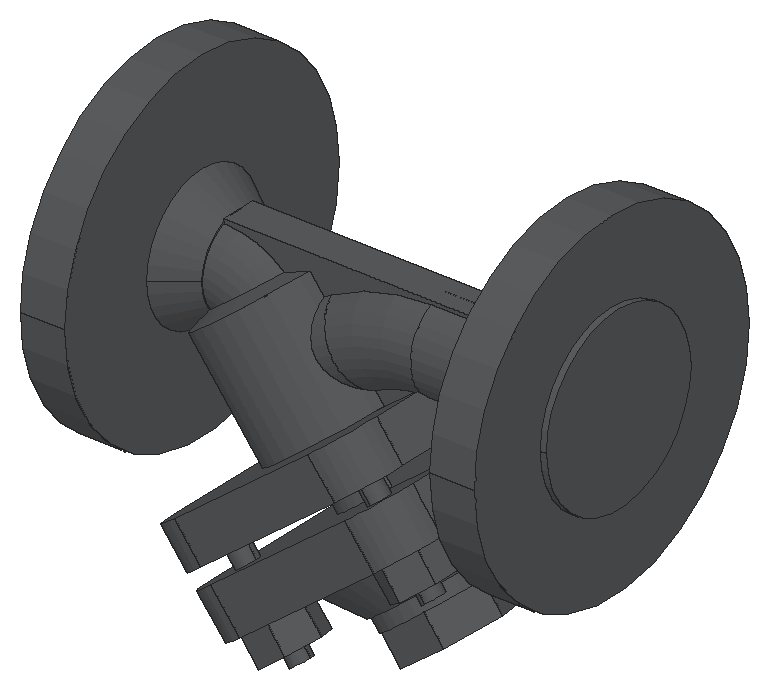
Revit family "FVF_DN15-300_PN16_Fine screen_RFA", category Pipe Accessories, Revit 2017
Family settings
  Round Connector Dimension = Use Diameter
  Part Type = Valve - Breaks Into
  OmniClass Number = 23.60.30.11
  OmniClass Title = Pipework Products for General Use
  Work Plane-Based = No
  Always vertical = Yes
  Cut with Voids When Loaded = No
  Shared = No
Parameters (values of type "FVF_DN15_PN16_Fine screen_065B7754")
  Weight = 2.20 kg
  W = D2  # 95 mm
  URL = "https://store.danfoss.com/en/Climate-Solutions-for-heating/Strainers/Strainers-for-District-Heating-and-District-Cooling/c/4071?q=%3Arelevance%3Adanfoss_producttypehierarchydesc%3Ac0f3d6ea79d70004a3a14d8528cae98d95d6f5b5&text="
  Pressure Drop [instance] = 0.0 Pa
  Number of meshes = "625/cm2"  # constant formula
  Nominal Pressure = "PN 16"  # constant formula
  Model Type = "FVF_DN15_PN16_Fine screen"
  Model = "065B7754"
  Min Medium Temperature = "-10 °C"  # constant formula
  Mesh Size = "0.25 mm"  # constant formula
  Max Medium Temperature = "150 °C"  # constant formula
  Manufacturer = "Danfoss"  # constant formula
  LOD 350 = not(LOD 200)  # yes
  LOD 200 = no
  L5 = 58.5 mm
  L_1 = 35 mm
  L4 = 5.7 mm
  L3 = 12.4 mm
  L2 = 81.2 mm
  L1 = 126 mm
  L = 130 mm
  Kvs = 5.1 m³/h
  IfcExportType = "FVF"  # constant formula
  IfcExportAs = "IfcValveType"  # constant formula
  H2 = D2 / 2  # 47.5 mm
  H1 = 81 mm
  H = H1 + (D2 / 2)  # 128.5 mm
  Flow [instance] = 0.0 m³/h
  Body Top = Strainer_top : 15
  Description = "Strainer"  # constant formula
  D4_2 = D4 / 2  # 12.5 mm
  D4 = 25 mm
  D3 = 38.8 mm
  D2 = 95 mm
  D1 = 49.8 mm
  D = 15 mm
  Connection = "Flange"  # constant formula
  Body Material = Danfoss Cast Iron
  A_R2 = D4 / 2 - 8 mm  # 4.5 mm
  A_R1 = 20 mm
  A_H2 = 5 mm
  A_H1 = 38.5 mm
  A = 52.00°
Types (11, lengths in mm): name | Weight | W | Model Type | Model | L5 | L_1 | L4 | L3 | L2 | L1 | L | Kvs | H2 | H1 | H | Body Top | D4_2 | D4 | D3 | D2 | D1 | D | A_R2 | A_R1 | A_H2 | A_H1 | A
  (no name) | 2.20 kg | 95 | "FVF_DN15_PN16_Fine screen" | "065B7754" | 58.5 | 35 | 5.7 | 12.4 | 81.2 | 126 | 130 | 5.1 m³/h | 47.5 | 81 | 128.5 | Strainer_top : 15 | 12.5 | 25 | 38.8 | 95 | 49.8 | 15 | 4.5 | 20 | 5 | 38.5 | 52.00°
  FVF_DN100_PN16_Fine screen_065B7766 | 25.00 kg | 218 | "FVF_DN100_PN16_Fine screen" | "065B7766" | 113 | 108.75 | 25.75 | 19.2 | 269 | 343 | 350 | 192.8 m³/h | 109 | 240 | 349 | Strainer_top : 100 | 57 | 114 | 140 | 218 | 158 | 100 | 49 | 71.5 | 30 | 192.6 | 45.00°
  FVF_DN125_PN16_Fine screen_065B7767 | 39.00 kg | 248 | "FVF_DN125_PN16_Fine screen" | "065B7767" | 75 | 115 | 30.6 | 20.8 | 305.8 | 393 | 400 | 326.4 m³/h | 124 | 273 | 397 | Strainer_top : 125 | 71.45 | 142.9 | 172.3 | 248 | 191 | 125 | 63.45 | 96 | 45 | 227.4 | 45.00°
  FVF_DN80_PN16_Fine screen_065B7765 | 16.60 kg | 198 | "FVF_DN80_PN16_Fine screen" | "065B7765" | 95 | 90.6 | 19.6 | 18 | 219.5 | 303 | 310 | 133.6 m³/h | 99 | 185 | 284 | Strainer_top : 80 | 46.5 | 93 | 119 | 198 | 138.6 | 80 | 38.5 | 61.3 | 28.5 | 139.5 | 45.00°
  FVF_DN65_PN16_Fine screen_065B7764 | 12.00 kg | 184 | "FVF_DN65_PN16_Fine screen" | "065B7764" | 105 | 73.4 | 16.6 | 17.5 | 207.5 | 283 | 290 | 86.7 m³/h | 92 | 155 | 247 | Strainer_top : 65 | 38.5 | 77 | 93.6 | 184 | 125 | 65 | 30.5 | 54.8 | 25.6 | 122.9 | 45.00°
  FVF_DN50_PN16_Fine screen_065B7763 | 8.50 kg | 163 | "FVF_DN50_PN16_Fine screen" | "065B7763" | 75 | 56.5 | 13.5 | 15.2 | 156.9 | 223.3 | 230 | 49.0 m³/h | 81.5 | 135 | 216.5 | Strainer_top : 50 | 31 | 62 | 82.8 | 163 | 109.3 | 50 | 23 | 43.8 | 20.5 | 100.6 | 45.00°
  FVF_DN40_PN16_Fine screen_065B7762 | 6.50 kg | 149.5 | "FVF_DN40_PN16_Fine screen" | "065B7762" | 64 | 48.6 | 11.4 | 14.6 | 129.4 | 192.9 | 200 | 30.6 m³/h | 74.75 | 135 | 209.75 | Strainer_top : 40 | 25.5 | 51 | 73.2 | 149.5 | 95.7 | 40 | 17.5 | 38.5 | 19 | 82.7 | 45.00°
  FVF_DN32_PN16_Fine screen_065B7757 | 5.00 kg | 139.5 | "FVF_DN32_PN16_Fine screen" | "065B7757" | 65 | 45.5 | 9.5 | 14.6 | 116.7 | 172.8 | 180 | 18.4 m³/h | 69.75 | 135 | 204.75 | Strainer_top : 32 | 21 | 42 | 62.5 | 139.5 | 87.8 | 32 | 13 | 32.4 | 16.5 | 64.3 | 45.00°
  FVF_DN25_PN16_Fine screen_065B7756 | 3.80 kg | 115 | "FVF_DN25_PN16_Fine screen" | "065B7756" | 60 | 45 | 8 | 14 | 101 | 156 | 160 | 15.1 m³/h | 57.5 | 91 | 148.5 | Strainer_top : 25 | 17.5 | 35 | 53.4 | 115 | 72.8 | 25 | 9.5 | 28 | 6 | 56 | 45.00°
  FVF_DN20_PN16_Fine screen_065B7755 | 3.30 kg | 105 | "FVF_DN20_PN16_Fine screen" | "065B7755" | 68.5 | 40 | 7.5 | 12.4 | 95 | 146 | 150 | 9.2 m³/h | 52.5 | 82 | 134.5 | Strainer_top : 20 | 15 | 30 | 46.8 | 105 | 62.8 | 20 | 7 | 21.288 | 5 | 39.5 | 52.00°
  FVF_DN15_PN16_Fine screen_065B7754 | 2.20 kg | 95 | "FVF_DN15_PN16_Fine screen" | "065B7754" | 58.5 | 35 | 5.7 | 12.4 | 81.2 | 126 | 130 | 5.1 m³/h | 47.5 | 81 | 128.5 | Strainer_top : 15 | 12.5 | 25 | 38.8 | 95 | 49.8 | 15 | 4.5 | 20 | 5 | 38.5 | 52.00°
Reference planes
  plane 1 "Center (Front/Back)": y = -30
  plane 2: z = 0
  plane 3 "Center (Left/Right)": x = 5.25
  plane 4: y = -77.5
  plane 5: y = 17.5
  plane 6: x = 105.25
  plane 7: x = -24.75
  plane 8: x = -22.75
  plane 9: x = 103.25
  plane 10: x = -0.35
  plane 11: x = 80.85
  plane 12: z = 417.5
  plane 13: z = -47.5
  plane 14: x = 40.25
  plane 15 "Front_1": y = -25
  plane 16 "Front_2": y = -35
  plane 17: z = 47.5
  plane 18: z = -81
  plane 19: z = 12.5
  plane 20: x = -10.35
  plane 21: x = 90.85
  plane 22: x = 46.75
  plane 23: x = 126
  plane 24: x = 10.95
  plane 25: x = 41.05
  plane 26: x = 35.35
  plane 27: z = -5.7
  plane 28: x = -0.45
Forms (mm)
  Blend 1, solid, material "Danfoss Cast Iron" <- "Body Material", visible <- "LOD 350", detail levels fine
    base sketch origin (5.25, 0, 0) x (0, 1, 0) y (0, 0, 1)
      loop
        circle (-30, 0) r 12.5
    top sketch origin (5.25, 0, 0) x (0, 1, 0) y (0, 0, 1)
      loop
        circle (-30, 0) r 19.4
    from -5.6 to -15.6
  Blend 2, solid, material "Danfoss Cast Iron" <- "Body Material", visible <- "LOD 350", detail levels fine
    base sketch origin (0, 0, 0) x (0, 1, 0) y (0, 0, -1)
      loop
        circle (-30, 0) r 12.5
    top sketch origin (0, 0, 0) x (0, 1, 0) y (0, 0, -1)
      loop
        circle (-30, 0) r 19.4
    from -80.85 to -90.85
  Extrusion 3, solid, material "Danfoss Cast Iron" <- "Body Material", detail levels fine
    sketch origin (5.25, 0, 0) x (0, 1, 0) y (0, 0, 1)
      loop
        circle (-30, 0) r 47.5
    from 85.6 to 98
  Extrusion 4, solid, material "Danfoss Cast Iron" <- "Body Material", detail levels fine
    sketch origin (0, 0, 0) x (0, 1, 0) y (0, 0, -1)
      loop
        circle (-30, 0) r 47.5
    from 10.35 to 22.75
  Extrusion 5, solid, material "Danfoss Cast Iron" <- "Body Material", detail levels fine
    sketch origin (5.25, 0, 0) x (0, 1, 0) y (0, 0, 1)
      loop
        circle (-30, 0) r 24.9
    from 98 to 100
  Extrusion 6, solid, material "Danfoss Cast Iron" <- "Body Material", detail levels fine
    sketch origin (0, 0, 0) x (0, 1, 0) y (0, 0, -1)
      loop
        circle (-30, 0) r 24.9
    from 22.75 to 24.75
  Sweep 7, solid, material "Danfoss Cast Iron" <- "Body Material", visible <- "LOD 350", detail levels fine
    path origin (0, -30, 0) x (1, 0, 0) y (0, 0, 1)
      loop
        line (-10.35, 0) -> (-0.45, 0)
        arc (-0.45, 0) -> (5.923, -1.504) -> (10.95, -5.7) r 14.25
    profile origin (-5.4, -30, 0) x (0, 0, 1) y (0, -1, 0)
      loop
        circle (0, 0) r 12.5
  Sweep 8, solid, material "Danfoss Cast Iron" <- "Body Material", visible <- "LOD 350", detail levels fine
    path origin (0, -30, 0) x (1, 0, 0) y (0, 0, 1)
      loop
        line (80.85, 0) -> (57.416, 0)
        arc (57.416, 0) -> (46.021, -1.448) -> (35.35, -5.7) r 45.561
        line (35.35, -5.7) -> (17.447, -15.611)
    profile origin (69.133, -30, 0) x (0, 0, -1) y (0, -1, 0)
      loop
        circle (0, 0) r 12.5
  Extrusion 9, solid, material "Danfoss Cast Iron" <- "Body Material", visible <- "LOD 350", detail levels fine
    sketch origin (0, -30, 0) x (1, 0, 0) y (0, 0, 1)
      loop
        line (-0.35, 12.5) -> (-0.35, 0) -> (80.85, 0) -> (80.85, 12.5) -> (-0.35, 12.5)
    from -5 to 5
  Extrusion 10, solid, material "Danfoss Cast Iron" <- "Body Material", visible <- "LOD 200", detail levels fine
    sketch origin (5.25, 0, 0) x (0, 1, 0) y (0, 0, 1)
      loop
        circle (-30, 0) r 12.5
    from -15.6 to 85.6
  Extrusion 11, solid, material "Danfoss Cast Iron" <- "Body Material", visible <- "LOD 350", detail levels fine
    sketch origin (0, -30, 0) x (1, 0, 0) y (0, 0, 1)
      loop
        line (47.527, -54.112) -> (116.787, 0) -> (5.25, 0) -> (47.527, -54.112)
    from -5 to 5
  Extrusion 12, void, detail levels fine
    sketch origin (0, -30, 0) x (1, 0, 0) y (0, 0, 1)
      loop
        line (90.85, 0) -> (90.85, -47.5) -> (290.85, -47.5) -> (290.85, 0) -> (90.85, 0)
    from -47.5 to 47.5
  Revolve 13, solid, material "Danfoss Cast Iron" <- "Body Material", detail levels fine
    sketch origin (0, -30, 0) x (1, 0, 0) y (0, 0, 1)
      loop
        line (24.089, 8.373) -> (8.328, -3.94) -> (28.953, -30.338) -> (44.713, -18.025) -> (24.089, 8.373)
      axis (8.328, -3.94) -> (28.953, -30.338)
    angle from 0 to 360
  Revolve 14, solid, material "Danfoss Cast Iron" <- "Body Material", detail levels fine
    sketch origin (0, -30, 0) x (1, 0, 0) y (0, 0, 1)
      loop
        line (24.089, 8.373) -> (8.796, 2.77) -> (5.25, 0) -> (8.328, -3.94) -> (24.089, 8.373)
      axis (8.328, -3.94) -> (5.25, 0)
    angle from 0 to 360
Cuts and joins
  Extrusion 12 cuts Blend 2
  Extrusion 12 cuts Extrusion 10
  Extrusion 12 cuts Extrusion 11
Lines and regions (mm)
  reference lines
    curve 1: line (5.25, -30, 0) -> (273.063, -30, -342.785)
    curve 2: line (5.25, -30, 0) -> (320.454, -30, 246.265)
    curve 3: line (323.533, -30, 242.325) -> (8.328, -30, -3.94)
    curve 4: line (344.157, -30, 215.926) -> (28.953, -30, -30.338)
    curve 5: line (8.796, -30, 2.77) -> (276.609, -30, -340.014)
    curve 6: line (21.01, -30, 12.313) -> (288.823, -30, -330.471)
Dimensions and locks
  "L": plane 6 to plane 7
  "L1": plane 9 to plane 8
  "L2": plane 11 to plane 10
  "L_1": plane 14 to plane 3 "Center (Left/Right)"
  equal spacing: plane 6, plane 14, plane 7
  equal spacing: plane 9, plane 14, plane 8
  equal spacing: plane 11, plane 14, plane 10
  "D2": plane 4 to plane 5
  equal spacing: plane 4, plane 1 "Center (Front/Back)", plane 5
  equal spacing: plane 16 "Front_2", plane 1 "Center (Front/Back)", plane 15 "Front_1"
  plane 16 "Front_2" to plane 15 "Front_1" = 10 mm
  "H": plane 17 to plane 18
  "H1": plane 2 to plane 18
  "D4_2": plane 19 to plane 2
  "H2": plane 2 to plane 13
  "L3": plane 20 to plane 8
  "L3": plane 9 to plane 21
  "L5": plane 6 to plane 22
  equal spacing: plane 22, plane 25, plane 26
  "L4": plane 22 to plane 25
  "L4": plane 2 to plane 27
  equal spacing: plane 24, plane 3 "Center (Left/Right)", plane 28
  "L4": plane 3 "Center (Left/Right)" to plane 28
  Extrusion 12 sketch curve to plane 21 = 200 mm
  Extrusion 12 to plane 13 = 47.5 mm
  "A_H2": curve 3 to curve 2
  "A_H1": curve 4 to curve 2
  "A_R2": curve 1 to curve 5
  "A_R1": curve 1 to curve 6
  curve 1 to curve 1 = 435 mm
  curve 2 to curve 2 = 400 mm
  curve 3 to curve 3 = 400 mm
  curve 4 to curve 4 = 400 mm
  curve 5 to curve 5 = 435 mm
  curve 6 to curve 6 = 435 mm
  "D4": diameter of Blend 1 sketch curve
  "D3": diameter of Blend 1 sketch curve
  "D4": diameter of Blend 2 sketch curve
  "D3": diameter of Blend 2 sketch curve
  "D2": diameter of Extrusion 3 sketch curve
  "D2": diameter of Extrusion 4 sketch curve
  "D1": diameter of Extrusion 5 sketch curve
  "D1": diameter of Extrusion 6 sketch curve
  "D4": diameter of Sweep 7 sketch curve
  "D4": diameter of Sweep 8 sketch curve
  "D4": diameter of Extrusion 10 sketch curve
  "A": angle curve 1 to plane 2
  locked: curve 1 to curve 2 (angle 90.00°)
  "A": angle nested 2 to plane 2
  aligned and locked: level to plane 2
  aligned and locked: plane 10 to Blend 1
  aligned and locked: plane 9 to Extrusion 3
  aligned and locked: Extrusion 4 to plane 8
  aligned and locked: plane 6 to Extrusion 5
  aligned and locked: Extrusion 5 to plane 9
  aligned and locked: Extrusion 6 to plane 7
  aligned and locked: plane 8 to Extrusion 6
  aligned and locked: Blend 2 to plane 11
  aligned and locked: plane 1 "Center (Front/Back)" to nested 1
  aligned and locked: nested 1 to plane 2
  aligned and locked: plane 20 to Extrusion 4
  aligned and locked: Extrusion 3 to plane 21
  aligned and locked: Blend 1 to plane 20
  aligned and locked: plane 21 to Blend 2
  aligned and locked: plane 7 to nested 1
  aligned and locked: plane 20 to Sweep 7 sketch curve
  aligned and locked: Sweep 7 sketch curve to plane 2
  aligned and locked: plane 11 to Sweep 8 sketch curve
  aligned and locked: plane 26 to Sweep 8 sketch curve
  aligned and locked: plane 27 to Sweep 8 sketch curve
  aligned and locked: Extrusion 9 sketch curve to plane 19
  aligned and locked: Extrusion 9 sketch curve to plane 10
  aligned and locked: Extrusion 9 sketch curve to plane 2
  aligned and locked: Extrusion 9 to plane 15 "Front_1"
  aligned and locked: plane 16 "Front_2" to Extrusion 9
  aligned and locked: Blend 2 to Extrusion 10
  aligned and locked: Blend 1 to Extrusion 10
  aligned and locked: plane 28 to Sweep 7 sketch curve
  aligned and locked: plane 24 to Sweep 7 sketch curve
  aligned and locked: plane 27 to Sweep 7 sketch curve
  aligned and locked: Extrusion 11 to plane 15 "Front_1"
  aligned and locked: plane 16 "Front_2" to Extrusion 11
  aligned and locked: Extrusion 11 sketch curve to plane 2
  aligned and locked: plane 1 "Center (Front/Back)" to nested 2
  aligned and locked: Extrusion 12 sketch curve to Blend 2
  aligned and locked: Extrusion 12 sketch curve to Extrusion 3
  aligned and locked: plane 13 to Extrusion 12 sketch curve
  aligned and locked: plane 4 to Extrusion 12
  aligned and locked: Extrusion 12 to plane 5
  aligned and locked: curve 3 to Revolve 13 sketch curve
  aligned and locked: curve 4 to Revolve 13 sketch curve
  aligned and locked: curve 1 to Revolve 13 sketch curve
  aligned and locked: Revolve 13 sketch curve to Revolve 13 sketch curve  (x2)
  aligned and locked: curve 6 to Revolve 13 sketch curve
  aligned and locked: Revolve 14 sketch curve to curve 2
  aligned and locked: Revolve 14 sketch curve to curve 1
  aligned and locked: Revolve 14 sketch curve to Revolve 14 sketch curve  (x2)
  aligned and locked: curve 1 to nested 2
  aligned and locked: Revolve 14 sketch curve to curve 5
  aligned and locked: Revolve 13 to Revolve 14 sketch curve
  aligned and locked: curve 6 to Revolve 14 sketch curve
  aligned and locked: curve 1 to Sweep 8 sketch curve
  aligned and locked: curve 4 to nested 2
  aligned and locked: Extrusion 9 sketch curve to plane 11
  aligned and locked: Extrusion 11 sketch curve to curve 1
Automatic sketch dimensions
  Sweep 8 sketch curve to level = 0 mm
  plane 22 to Sweep 8 sketch curve = 10.666 mm
  Revolve 13 sketch curve to Revolve 13 sketch curve = 0.183 mm
  Revolve 14 sketch curve to level = 0 mm
  Extrusion 11 sketch curve to plane 13 = 6.612 mm
  curve 2 to level = 0 mm
  curve 2 to plane 3 "Center (Left/Right)" = 0 mm
  Blend 1 sketch curve to level = 0 mm  (x2)
  Blend 1 sketch curve to plane 1 "Center (Front/Back)" = 0 mm  (x2)
  Blend 2 sketch curve to level = 0 mm  (x2)
  Blend 2 sketch curve to plane 1 "Center (Front/Back)" = 0 mm  (x2)
  Extrusion 3 sketch curve to level = 0 mm
  Extrusion 3 sketch curve to plane 1 "Center (Front/Back)" = 0 mm
  Extrusion 4 sketch curve to level = 0 mm
  Extrusion 4 sketch curve to plane 1 "Center (Front/Back)" = 0 mm
  Extrusion 5 sketch curve to level = 0 mm
  Extrusion 5 sketch curve to plane 1 "Center (Front/Back)" = 0 mm
  Extrusion 6 sketch curve to level = 0 mm
  Extrusion 6 sketch curve to plane 1 "Center (Front/Back)" = 0 mm
  Sweep 7 sketch curve to plane 1 "Center (Front/Back)" = 0 mm
  profile plane to Sweep 7 sketch curve = 0 mm
  Sweep 8 sketch curve to plane 1 "Center (Front/Back)" = 0 mm
  Sweep 8 sketch curve to profile plane = 0 mm
  Extrusion 10 sketch curve to level = 0 mm
  Extrusion 10 sketch curve to plane 1 "Center (Front/Back)" = 0 mm
Nested families
  nested 1: "Schematic_Strainer_Flange" at (40.25, -30, 0), type "Schematic_Strainer_Flange", detail levels coarse+medium
    with L3 6.5 mm, L2 52 mm, L1 7.429 mm, L 130 mm, H1 18.571 mm, H 65 mm, D1 95 mm
  nested 2: "Strainer_top" at (47.115, -30, -53.585) x (-0.788, 0, -0.6157) z (0.6157, 0, -0.788), type <- "Body Top", LOD 200 <- "LOD 200", type "15", detail levels fine
    with LOD 350_Square yes, LOD 350_Round no, LOD 350 yes, LOD 200_Square no, LOD 200_Round no, LOD 200 no
Connectors
  piping at (105.25, -30, 0), diameter 15, driven by "D", driven by "Flow"
    settings: on Extrusion 5, index 1, connector inside diameter 609.6 mm, connector length 0 mm, flow factor 0, pipe flow 0.0 m³/h, pressure drop 0.0 Pa, fitting loss kfactor 0, connector angle 0.00°, fixture units 0, engagement length 0 mm, angle of deflection 0.00°, flow configuration 0, flow direction 2, fitting loss method 0, system type 29, joint type 0, gender type 0, connector reference index 2, connector utility 0, adjustable connector no, is connector primary yes, connector description ""
  piping at (-24.75, -30, 0), diameter 15, driven by "D", driven by "Flow"
    settings: on Extrusion 6, index 2, connector inside diameter 609.6 mm, connector length 0 mm, flow factor 0, pipe flow 0.0 m³/h, pressure drop 0.0 Pa, fitting loss kfactor 0, connector angle 0.00°, fixture units 0, engagement length 0 mm, angle of deflection 0.00°, flow configuration 0, flow direction 1, fitting loss method 0, system type 29, joint type 0, gender type 0, connector reference index 1, connector utility 0, adjustable connector no, is connector primary no, connector description ""
Definition of nested family "Strainer_top"
  Parameters (values of type "15")
    n = 4
    W1 = 65.5 mm
    R2 = 12 mm
    R1 = W1 / 2  # 32.75 mm
    Nut Type = Common nut : NUT30
    LOD 350_Square [instance] = if(and(LOD 350, n = 4), 1 = 1, 1 = 0)  # yes
    LOD 350_Round [instance] = if(and(LOD 350, n > 4), 1 = 1, 1 = 0)  # no
    LOD 350 [instance] = not(LOD 200)  # yes
    LOD 200_Square [instance] = if(and(LOD 200, n = 4), 1 = 1, 1 = 0)  # no
    LOD 200_Round [instance] = if(and(LOD 200, n > 4), 1 = 1, 1 = 0)  # no
    LOD 200 [instance] = no
    H4 = 39.5 mm
    H3 = 13 mm
    H2 = 4.5 mm
    H1 = 12 mm
    H = 52.5 mm
    D4 = 31.9 mm
    D2 = if(D1 < 150 mm, D1 - 50 mm, D1 - 100 mm)  # 21 mm
    D1 = 71 mm
    D3 = 46.7 mm
    Bolt Type = Bolt : 16
    Body Material = none
    A = 45.00°
  Types (15, lengths in mm): name | n | W1 | R2 | R1 | Nut Type | LOD 350_Square | LOD 350_Round | H4 | H3 | H2 | H1 | H | D4 | D2 | D1 | D3 | Bolt Type | A
    (no name) | 4 | 65.5 | 12 | 32.75 | Common nut : NUT30 | yes | no | 39.5 | 13 | 4.5 | 12 | 52.5 | 31.9 | 21 | 71 | 46.7 | Bolt : 16 | 45.00°
    300 | 16 | 416.8 | 17 | 208.4 | Common nut : NUT37 | no | yes | 102.6 | 26 | 6 | 33 | 119 | 40 | 370 | 470 | 370 | Bolt : 30 | 22.50°
    250 | 12 | 347.7 | 17 | 173.85 | Common nut : NUT37 | no | yes | 75.5 | 31 | 4.5 | 32 | 95.5 | 215 | 304 | 404 | 273 | Bolt : 30 | 30.00°
    200 | 12 | 251.6 | 17 | 125.8 | Common nut : NUT24 | no | yes | 75 | 22 | 3.5 | 32.3 | 86 | 33 | 190 | 290 | 170 | Bolt : 24 | 30.00°
    150 | 10 | 190 | 17 | 95 | Common nut : NUT37 | no | yes | 64 | 16 | 1.5 | 31 | 80 | 42 | 132 | 232 | 197.6 | Bolt : 24 | 36.00°
    100 | 10 | 154.8 | 17 | 77.4 | Common nut : NUT30 | no | yes | 47.3 | 14 | 5.4 | 19.5 | 67.3 | 32 | 92 | 192 | 147.8 | Bolt : 24 | 36.00°
    125 | 8 | 166 | 17 | 83 | Common nut : NUT37 | no | yes | 55.9 | 15 | 1.5 | 29.3 | 72.4 | 42 | 114 | 214 | 172 | Bolt : 24 | 45.00°
    80 | 4 | 135 | 17 | 67.5 | Common nut : NUT37 | yes | no | 55 | 19 | 3.5 | 24 | 71.5 | 82.5 | 86 | 136 | 98.7 | Bolt : 24 | 45.00°
    65 | 4 | 115 | 13.5 | 57.5 | Common nut : NUT24 | yes | no | 50.2 | 17 | 3.5 | 16.7 | 60.5 | 33 | 61 | 111 | 90.4 | Bolt : 18 | 45.00°
    50 | 4 | 98 | 13.5 | 49 | Common nut : NUT30 | yes | no | 47.4 | 16 | 3 | 16.9 | 60.5 | 31.5 | 49 | 99 | 70 | Bolt : 18 | 45.00°
    40 | 4 | 88 | 13.5 | 44 | Common nut : NUT30 | yes | no | 47.4 | 16 | 2.5 | 17.4 | 60.5 | 31.5 | 41 | 91 | 60 | Bolt : 18 | 45.00°
    32 | 4 | 72 | 12 | 36 | Common nut : NUT30 | yes | no | 40.7 | 13 | 3.5 | 14.2 | 53.5 | 31.9 | 26 | 76 | 48 | Bolt : 16 | 45.00°
    25 | 4 | 72 | 12 | 36 | Common nut : NUT30 | yes | no | 39.5 | 13 | 4.5 | 12 | 52.5 | 31.9 | 26 | 76 | 48 | Bolt : 16 | 45.00°
    20 | 4 | 65.5 | 12 | 32.75 | Common nut : NUT30 | yes | no | 39.5 | 13 | 4.5 | 12 | 52.5 | 31.9 | 21 | 71 | 46.7 | Bolt : 16 | 45.00°
    15 | 4 | 65.5 | 12 | 32.75 | Common nut : NUT30 | yes | no | 39.5 | 13 | 4.5 | 12 | 52.5 | 31.9 | 21 | 71 | 46.7 | Bolt : 16 | 45.00°
  Reference planes
    plane 1 "Center (Front/Back)": y = 0
    plane 2: z = 0
    plane 3 "Center (Left/Right)": x = 0
    plane 4: z = -17.5
    plane 5: z = -13
    plane 6: z = 10
    plane 7: y = 32.75
    plane 8: y = -32.75
    plane 9: through (0, 0, 1200) normal (-0.7071, -0.7071, 0)
    plane 10: z = -29.5
    plane 11: z = 23
    plane 12: y = 35.5
    plane 13: y = -35.5
    plane 14: x = 35.5
    plane 15: x = -35.5
  Forms (mm)
    Extrusion 1, solid, material <- "Body Material", visible <- "LOD 350_Round", detail levels fine
      sketch origin (0, 0, 0) x (1, 0, 0) y (0, 1, 0)
        loop
          circle (0, 0) r 35.5
      from -29.5 to -17.5
    Extrusion 2, solid, material <- "Body Material", visible <- "LOD 350", detail levels fine
      sketch origin (0, 0, 0) x (1, 0, 0) y (0, 1, 0)
        loop
          circle (0, 0) r 10.5
      from -17.5 to -13
    Extrusion 3, solid, material <- "Body Material", visible <- "LOD 350_Round", detail levels fine
      sketch origin (0, 0, 0) x (1, 0, 0) y (0, 1, 0)
        loop
          circle (0, 0) r 35.5
      from -13 to 0
    Blend 4, solid, material <- "Body Material", visible <- "LOD 350", detail levels fine
      base sketch origin (0, 0, 0) x (1, 0, 0) y (0, 1, 0)
        loop
          circle (0, 0) r 23.35
      top sketch origin (0, 0, 0) x (1, 0, 0) y (0, 1, 0)
        loop
          circle (0, 0) r 15.95
      from 0 to 10
    Extrusion 5, solid, material <- "Body Material", visible <- "LOD 200_Round", detail levels fine
      sketch origin (0, 0, 0) x (1, 0, 0) y (0, 1, 0)
        loop
          circle (0, 0) r 35.5
      from -29.5 to 23
    Extrusion 6, solid, material <- "Body Material", visible <- "LOD 350_Square"
      sketch origin (0, 0, 0) x (1, 0, 0) y (0, 1, 0)
        loop
          arc (-23.5, 35.5) -> (-31.985, 31.985) -> (-35.5, 23.5) r 12
          line (-35.5, 23.5) -> (-35.5, -23.5)
          arc (-35.5, -23.5) -> (-31.985, -31.985) -> (-23.5, -35.5) r 12
          line (-23.5, -35.5) -> (23.5, -35.5)
          arc (23.5, -35.5) -> (31.985, -31.985) -> (35.5, -23.5) r 12
          line (35.5, -23.5) -> (35.5, 23.5)
          arc (35.5, 23.5) -> (31.985, 31.985) -> (23.5, 35.5) r 12
          line (23.5, 35.5) -> (-23.5, 35.5)
      from -29.5 to -17.5
    Extrusion 7, solid, material <- "Body Material", visible <- "LOD 200_Square"
      sketch origin (0, 0, 0) x (1, 0, 0) y (0, 1, 0)
        loop
          line (-35.5, 35.5) -> (-35.5, -35.5) -> (35.5, -35.5) -> (35.5, 35.5) -> (-35.5, 35.5)
      from -29.5 to 23
    Extrusion 8, solid, material <- "Body Material", visible <- "LOD 350_Square"
      sketch origin (0, 0, 24.9) x (1, 0, 0) y (0, 1, 0)
        loop
          arc (-23.5, 35.5) -> (-31.985, 31.985) -> (-35.5, 23.5) r 12
          line (-35.5, 23.5) -> (-35.5, -23.5)
          arc (-35.5, -23.5) -> (-31.985, -31.985) -> (-23.5, -35.5) r 12
          line (-23.5, -35.5) -> (23.5, -35.5)
          arc (23.5, -35.5) -> (31.985, -31.985) -> (35.5, -23.5) r 12
          line (35.5, -23.5) -> (35.5, 23.5)
          arc (35.5, 23.5) -> (31.985, 31.985) -> (23.5, 35.5) r 12
          line (23.5, 35.5) -> (-23.5, 35.5)
      from -37.9 to -24.9
  Dimensions and locks
    "H2": plane 5 to plane 4
    equal spacing: plane 8, plane 1 "Center (Front/Back)", plane 7
    "W1": plane 8 to plane 7
    "H1": plane 4 to plane 10
    "H4": plane 6 to plane 10
    "H3": level to plane 5
    "H": plane 11 to plane 10
    equal spacing: plane 15, plane 3 "Center (Left/Right)", plane 14
    "D1": plane 15 to plane 14
    equal spacing: plane 13, plane 1 "Center (Front/Back)", plane 12
    "D1": plane 13 to plane 12
    "D1": diameter of Extrusion 1 sketch curve
    "D2": diameter of Extrusion 2 sketch curve
    "D1": diameter of Extrusion 3 sketch curve
    "D3": diameter of Blend 4 sketch curve
    "D4": diameter of Blend 4 sketch curve
    "D1": diameter of Extrusion 5 sketch curve
    "R2": radius of Extrusion 6 sketch curve  (x4)
    "R2": radius of Extrusion 8 sketch curve  (x4)
    "R1": radius of radial array
    "A": angle plane 3 "Center (Left/Right)" to plane 9
    aligned and locked: level to plane 2
    aligned and locked: plane 4 to Extrusion 1
    aligned and locked: plane 5 to Extrusion 2
    aligned and locked: Extrusion 2 to plane 4
    aligned and locked: Extrusion 3 to plane 5
    aligned and locked: plane 6 to Blend 4
    aligned and locked: plane 6 to nested 1
    aligned and locked: plane 3 "Center (Left/Right)" to nested 1
    aligned and locked: plane 1 "Center (Front/Back)" to nested 1
    aligned and locked: Extrusion 1 to plane 10
    aligned and locked: level to Extrusion 3
    aligned and locked: Blend 4 to level
    aligned and locked: Extrusion 5 to Extrusion 1
    aligned and locked: plane 11 to Extrusion 5
    aligned and locked: plane 12 to Extrusion 6 sketch curve
    aligned and locked: plane 15 to Extrusion 6 sketch curve
    aligned and locked: Extrusion 6 sketch curve to plane 13
    aligned and locked: Extrusion 6 sketch curve to plane 14
    aligned and locked: plane 12 to Extrusion 7 sketch curve
    aligned and locked: plane 15 to Extrusion 7 sketch curve
    aligned and locked: Extrusion 7 sketch curve to plane 13
    aligned and locked: Extrusion 7 sketch curve to plane 14
    aligned and locked: Extrusion 6 to plane 10
    aligned and locked: plane 4 to Extrusion 6
    aligned and locked: level to Extrusion 8
    aligned and locked: Extrusion 8 to plane 5
    aligned and locked: plane 15 to Extrusion 8 sketch curve
    aligned and locked: plane 12 to Extrusion 8 sketch curve
    aligned and locked: Extrusion 8 sketch curve to plane 14
    aligned and locked: Extrusion 8 sketch curve to plane 13
    aligned and locked: Extrusion 7 to plane 10
    aligned and locked: plane 11 to Extrusion 7
  Automatic sketch dimensions
    plane 1 "Center (Front/Back)" to Extrusion 1 sketch curve = 0 mm
    Extrusion 1 sketch curve to plane 3 "Center (Left/Right)" = 0 mm
    plane 1 "Center (Front/Back)" to Extrusion 2 sketch curve = 0 mm
    Extrusion 2 sketch curve to plane 3 "Center (Left/Right)" = 0 mm
    plane 1 "Center (Front/Back)" to Extrusion 3 sketch curve = 0 mm
    Extrusion 3 sketch curve to plane 3 "Center (Left/Right)" = 0 mm
    plane 1 "Center (Front/Back)" to Blend 4 sketch curve = 0 mm  (x2)
    Blend 4 sketch curve to plane 3 "Center (Left/Right)" = 0 mm  (x2)
    plane 1 "Center (Front/Back)" to Extrusion 5 sketch curve = 0 mm
    Extrusion 5 sketch curve to plane 3 "Center (Left/Right)" = 0 mm
  Nested families
    nested 1: "Common nut" at (0, 0, 10) x (0, 0, 1) z (0, -1, 0), Body Material <- "Body Material", type <- "Nut Type", visible <- "LOD 350", type "NUT30", detail levels fine
      with Body Material none
    nested 2: "Bolt" at (-23.158, 23.158, 0), type <- "Bolt Type", visible <- "LOD 350", type "16"
    nested 3: "Bolt" at (23.158, 23.158, 0) x (0, -1, 0) z (0, 0, 1), type <- "Bolt Type", visible <- "LOD 350", type "16"
    nested 4: "Bolt" at (-23.158, -23.158, 0) x (0, 1, 0) z (0, 0, 1), type <- "Bolt Type", visible <- "LOD 350", type "16"
    nested 5: "Bolt" at (23.158, -23.158, 0) x (-1, 0, 0) z (0, 0, 1), type <- "Bolt Type", visible <- "LOD 350", type "16"
  Definition of nested family "Common nut"
    Parameters (values of type "NUT24")
      W_nut = 18 mm
      Tw = 3 mm
      Depth = 10 mm
      Default Elevation = 1219.2 mm
      D = 24 mm
      Body Material [instance] = none
    Types (6, lengths in mm): name | W_nut | Tw | Depth | D
      NUT44 | 38 | 4 | 26 | 44
      NUT30 | 26 | 4 | 13 | 30
      NUT66 | 55 | 15 | 51 | 66
      NUT70 | 57 | 20 | 46 | 70
      NUT37 | 30 | 3 | 16 | 37
      NUT24 | 18 | 3 | 10 | 24
    Reference planes
      plane 1 "Center (Front/Back)": y = 0
      plane 2: z = 0
      plane 3 "Center (Left/Right)": x = 0
      plane 4: x = 10
      plane 5: x = 3
    Forms (mm)
      Extrusion 1, solid, material <- "Body Material", detail levels medium+fine
        sketch origin (0, 0, 0) x (0, 1, 0) y (0, 0, 1)
          loop
            circle (0, 0) r 12
        from 0 to 3
      Extrusion 2, solid, material <- "Body Material", detail levels medium+fine
        sketch origin (3, 0, 0) x (0, 1, 0) y (0, 0, 1)
          loop
            line (-5.196, 9) -> (-10.392, 0) -> (-5.196, -9) -> (5.196, -9) -> (10.392, 0) -> (5.196, 9) -> (-5.196, 9)
        from 0 to 7
    Dimensions and locks
      "Depth": plane 4 to plane 3 "Center (Left/Right)"
      equal spacing: Extrusion 2 sketch curve, level, Extrusion 2 sketch curve
      "W_nut": Extrusion 2 sketch curve to Extrusion 2 sketch curve  (x3)
      equal spacing: Extrusion 2 sketch curve, plane 1 "Center (Front/Back)", Extrusion 2 sketch curve  (x2)
      "Tw": plane 5 to plane 3 "Center (Left/Right)"
      "D": diameter of Extrusion 1 sketch curve
      angle Extrusion 2 sketch curve to Extrusion 2 sketch curve = 120.00°  (x4)
      aligned and locked: level to plane 2
      aligned and locked: plane 4 to Extrusion 2
      aligned and locked: Extrusion 1 to Extrusion 2
      aligned and locked: Extrusion 2 to plane 5
    Automatic sketch dimensions
      Extrusion 1 sketch curve to level = 0 mm
      Extrusion 1 sketch curve to plane 1 "Center (Front/Back)" = 0 mm
  Definition of nested family "Bolt"
    Parameters (values of type "16")
      H2 = 8.4 mm
      H1 = H * 1.5  # 17.25 mm
      H = 11.5 mm
      D2 = D1 - 10 mm  # 6 mm
      D1 = 16 mm
      Body Material = none
    Types (5, lengths in mm): name | H2 | H1 | H | D2 | D1
      (no name) | 8.4 | 17.25 | 11.5 | 6 | 16
      30 | 18 | 42 | 28 | 20 | 30
      24 | 14.8 | 33.75 | 22.5 | 14 | 24
      18 | 10.8 | 20.25 | 13.5 | 8 | 18
      16 | 8.4 | 17.25 | 11.5 | 6 | 16
    Reference planes
      plane 1 "Center (Front/Back)": y = 0
      plane 2: z = 0
      plane 3 "Center (Left/Right)": x = 0
      plane 4: z = 8.4
      plane 5: z = 11.5
      plane 6: z = -17.25
    Forms (mm)
      Extrusion 1, solid, material <- "Body Material"
        sketch origin (0, 0, 0) x (1, 0, 0) y (0, 1, 0)
          loop
            line (-4.619, 8) -> (-9.238, 0) -> (-4.619, -8) -> (4.619, -8) -> (9.238, 0) -> (4.619, 8) -> (-4.619, 8)
        from 0 to 8.4
      Extrusion 2, solid, material <- "Body Material"
        sketch origin (0, 0, 0) x (1, 0, 0) y (0, 1, 0)
          loop
            circle (0, 0) r 3
        from -17.25 to 11.5
    Dimensions and locks
      "H": plane 5 to level
      equal spacing: Extrusion 1 sketch curve, plane 3 "Center (Left/Right)", Extrusion 1 sketch curve  (x2)
      equal spacing: Extrusion 1 sketch curve, plane 1 "Center (Front/Back)", Extrusion 1 sketch curve
      "D1": Extrusion 1 sketch curve to Extrusion 1 sketch curve  (x3)
      "H1": level to plane 6
      "H2": plane 4 to plane 2
      "D2": diameter of Extrusion 2 sketch curve
      angle Extrusion 1 sketch curve to Extrusion 1 sketch curve = 120.00°  (x3)
      aligned and locked: level to plane 2
      aligned and locked: plane 4 to Extrusion 1
      aligned and locked: Extrusion 1 to level
      aligned and locked: plane 5 to Extrusion 2
      aligned and locked: Extrusion 2 to plane 6
    Automatic sketch dimensions
      plane 1 "Center (Front/Back)" to Extrusion 2 sketch curve = 0 mm
      Extrusion 2 sketch curve to plane 3 "Center (Left/Right)" = 0 mm
Definition of nested family "Schematic_Strainer_Flange"
  Parameters (values of type "Schematic_Strainer_Flange")
    L3 = L * 1.5 / 30  # 51 mm
    L2 = L * 2 / 5  # 408 mm
    L1 = L2 / 7  # 58.286 mm
    L = 1020 mm
    H1 = H * 2 / 7  # 145.714 mm
    H = L / 2  # 510 mm
    D1 = 340 mm
  Reference planes
    plane 1 "Center (Front/Back)": y = 0
    plane 2: z = 0
    plane 3 "Center (Left/Right)": x = 0
    plane 4: z = -170
    plane 5: z = 170
    plane 6: x = -510
    plane 7: x = 510
    plane 8: z = -510
    plane 9: x = 58.286
    plane 10: x = 408
    plane 11: y = 170
    plane 12: y = -170
    plane 13: y = 510
    plane 14: z = -26.786
    plane 15: x = -459
    plane 16: x = 459
  Lines and regions (mm)
    model lines
      curve 1: line (-510, 0, 170) -> (-510, 0, -170)
      curve 2: line (510, 0, 170) -> (510, 0, -170)
      curve 5: line (-459, 0, 0) -> (459, 0, 0)
      curve 7: line (0, 0, 0) -> (234.019, 0, -334.214)
      curve 8: line (408, 0, -212.391) -> (58.286, 0, -457.264)
      curve 11: line (-459, 0, 170) -> (-459, 0, -170)
      curve 12: line (459, 0, 170) -> (459, 0, -170)
    symbolic lines
      curve 3: line (-510, 169.921, 0) -> (-510, -169.921, 0)
      curve 4: line (510, 169.921, 0) -> (510, -169.921, 0)
      curve 6: line (-459, 0, 0) -> (459, 0, 0)
      curve 9: line (0, 0, 0) -> (234.019, -334.214, 0)
      curve 10: line (408, -212.391, 0) -> (58.286, -457.264, 0)
      curve 13: line (-459, 170, 0) -> (-459, -170, 0)
      curve 14: line (459, 170, 0) -> (459, -170, 0)
  Dimensions and locks
    equal spacing: plane 5, level, plane 4
    "D1": plane 5 to plane 4
    equal spacing: plane 7, plane 3 "Center (Left/Right)", plane 6
    "L": plane 7 to plane 6
    "H": plane 8 to plane 2
    "L2": plane 3 "Center (Left/Right)" to plane 10
    "H": plane 1 "Center (Front/Back)" to plane 13
    equal spacing: plane 12, plane 1 "Center (Front/Back)", plane 11
    "D1": plane 12 to plane 11
    "L1": plane 3 "Center (Left/Right)" to plane 9
    "L2": curve 7 to curve 7
    "L2": curve 9 to curve 9
    "L3": plane 15 to plane 6
    "L3": plane 7 to plane 16
    angle plane 2 to curve 7 = 125.00°
    angle plane 1 "Center (Front/Back)" to curve 9 = 125.00°
    locked: curve 9 to curve 10 (angle 90.00°)
    locked: curve 7 to curve 8 (angle 90.00°)
    aligned and locked: level to plane 2
    aligned and locked: curve 6 to curve 5
    aligned and locked: curve 8 to plane 10
    aligned and locked: curve 8 to plane 9
    aligned and locked: curve 1 to plane 6
    aligned and locked: curve 2 to plane 7
    aligned and locked: plane 9 to curve 10
    aligned and locked: plane 10 to curve 10
    aligned and locked: curve 3 to plane 6
    aligned and locked: curve 4 to plane 7
    aligned and locked: plane 5 to curve 11
    aligned and locked: plane 5 to curve 12
    aligned and locked: curve 12 to plane 16
  Automatic sketch dimensions
    curve 11 to plane 15 = 0 mm
    curve 7 to level = 0 mm
    curve 7 to plane 3 "Center (Left/Right)" = 0 mm
    curve 2 to plane 4 = 0 mm
    curve 11 to plane 4 = 0 mm
    curve 1 to plane 4 = 0 mm
    curve 12 to plane 4 = 0 mm
    curve 2 to plane 5 = 0 mm
    curve 1 to plane 5 = 0 mm
    plane 11 to curve 13 = 0 mm
    curve 13 to plane 15 = 0 mm
    curve 6 to plane 15 = 0 mm
    curve 9 to plane 3 "Center (Left/Right)" = 0 mm
    plane 12 to curve 14 = 0 mm
    curve 14 to plane 16 = 0 mm
    curve 6 to plane 16 = 0 mm
    plane 12 to curve 13 = 0 mm
    plane 11 to curve 14 = 0 mm
    curve 4 to plane 12 = 0.079 mm
    curve 3 to plane 12 = 0.079 mm
    plane 11 to curve 4 = 0.079 mm
    plane 11 to curve 3 = 0.079 mm
